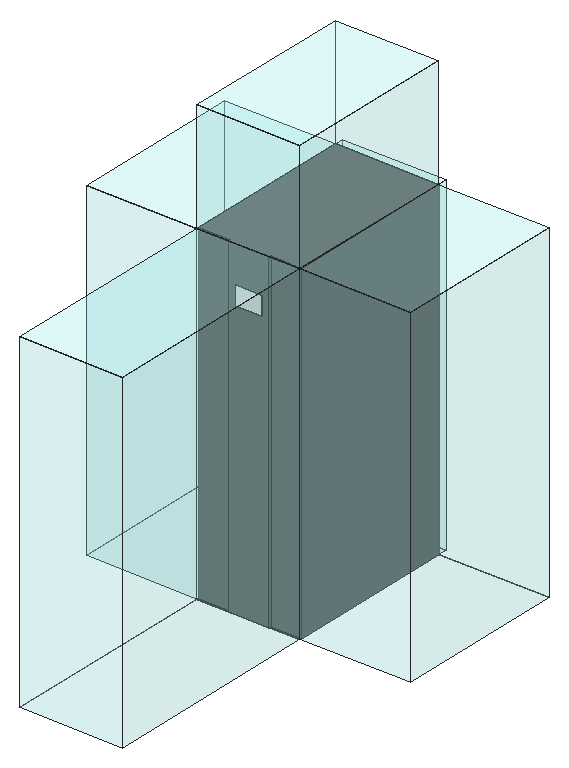
Revit family "Legrand-Ups-Keor_HPE-60_300kVA", category Installations électriques, Revit 2018
Family settings
  Conserver l'orientation des annotations = Non
  Cote de connecteur circulaire = Utiliser le diamètre
  Type d'élément = Normal
  Numéro OmniClass = 23.80.10.17.34
  Titre OmniClass = Static Uninterruptible Power Supplies
  Basée sur le plan de construction = Non
  Toujours verticalement = Oui
  Couper avec des vides une fois chargée = Non
  Partagée = Non
  Point de calcul de pièce = Non
Parameters
  Visibilità aree d'installazione = yes
  URL = "https://ups.legrand.com/it/prodotti/keor-hp"
  General Conditions of Use = "https://export.legrand.com/en/terms-of-use-BIM-objects"
  Fabricant = "LEGRAND"
  Output power factor = 1
  Output Voltage = "380,400,415 Vac"
  Operating temperature = "from 0°C to +40°C"
  Operating altitude = "up to 1000 m altitude without derating"
  Modèle = "KEOR HP"
  Max sound pressure level = "< 60 dB at 1m"
  Installation type = "On the floor"
  Installation space = 0.90 m³
  Input / Output phase configuration = "3ph+N+PE/3ph+N+PE"
  Humidity = "0-95% not condensing"
  Frequency of use = "50 Hz or 60 Hz selectable"
  Connection constraint (signal) = "Ahead and above/bottom"
  Connection constraint = "Ahead and bottom"
  Conductors = "Cables"
  Cabinet Depth = 940 mm
  Nominal Power = 100 kVA
  Weight = 320.0 kg
  Cabinet Width = 560 mm
  Back Clearance = 50 mm
  Side Clearance = 600 mm
  Front Clearance = 1200 mm
  Cabinet Height = 1800 mm
  Active power of use = 100 kW
Types (11, lengths in mm): name | Installation space | Cabinet Depth | Nominal Power | Weight | Cabinet Width | Cabinet Height | Active power of use
  (no name) | 0.90 m³ | 940 | 100 kVA | 320.0 kg | 560 | 1800 | 100 kW
  960565 | 0.90 m³ | 940 | 60 kVA | 250.0 kg | 560 | 1800 | 60 kW
  960566 | 0.90 m³ | 940 | 60 kVA | 800.0 kg | 560 | 1800 | 60 kW
  960567 | 0.90 m³ | 940 | 80 kVA | 300.0 kg | 560 | 1800 | 80 kW
  960568 | 0.90 m³ | 940 | 80 kVA | 850.0 kg | 560 | 1800 | 80 kW
  960569 | 0.90 m³ | 940 | 100 kVA | 320.0 kg | 560 | 1800 | 100 kW
  960570 | 0.90 m³ | 940 | 125 kVA | 360.0 kg | 560 | 1800 | 125 kW
  960571 | 0.90 m³ | 940 | 160 kVA | 380.0 kg | 560 | 1800 | 160 kW
  960572 | 1.60 m³ | 966 | 200 kVA | 720.0 kg | 880 | 1976 | 200 kW
  953500 | 1.60 m³ | 966 | 250 kVA | 850.0 kg | 880 | 1976 | 250 kW
  953501 | 1.60 m³ | 966 | 300 kVA | 900.0 kg | 880 | 1976 | 300 kW
Reference planes
  plane 1 "Centro (Fronte/Retro)": y = 0
  plane 2: z = 0
  plane 3 "Centro (Sinistra/Destra)": x = 0
  plane 4: x = 280
  plane 5: x = -280
  plane 6: y = 470
  plane 7 "Piano Frontale": y = -470
  plane 8 "PIANO TETTO ARMADIO": z = 1800
  plane 9: z = 2400
  plane 10: y = -1670
  plane 11: x = 880
  plane 12: x = -880
  plane 13: y = -382.5
  plane 14: y = -471
  plane 15: y = 520
Forms (mm)
  Extrusion 1, solid
    sketch origin (0, 0, 0) x (1, 0, 0) y (0, 1, 0)
      loop
        line (-280, 470) -> (-280, -470) -> (280, -470) -> (280, 470) -> (-280, 470)
    from 0 to 1800
  Extrusion 2, void
    sketch origin (0, 0, 0) x (1, 0, 0) y (0, 1, 0)
      loop
        line (-280, -470) -> (-110, -470) -> (-110, -460) -> (-280, -460) -> (-280, -470)
      loop
        line (280, -470) -> (280, -460) -> (110, -460) -> (110, -470) -> (280, -470)
    from 0 to 1800
  Extrusion 3, solid
    sketch origin (0, 0, 1800) x (-1, 0, 0) y (0, -1, 0)
      loop
        line (280, -470) -> (280, 470) -> (-280, 470) -> (-280, -470) -> (280, -470)
    from 0 to 600
  Extrusion 4, solid
    sketch origin (0, 0, 0) x (1, 0, 0) y (0, 1, 0)
      loop
        line (-280, -470) -> (-280, -1670) -> (280, -1670) -> (280, -470) -> (-280, -470)
    from 0 to 1800
  Extrusion 5, solid
    sketch origin (0, 0, 0) x (1, 0, 0) y (0, 1, 0)
      loop
        line (-880, 470) -> (-880, -470) -> (-280, -470) -> (-280, 470) -> (-880, 470)
    from 0 to 1800
  Extrusion 6, solid
    sketch origin (0, 0, 0) x (1, 0, 0) y (0, 1, 0)
      loop
        line (880, 470) -> (280, 470) -> (280, -470) -> (880, -470) -> (880, 470)
    from 0 to 1800
  Extrusion 7, solid
    sketch origin (1413.306, -470, 1200) x (1, 0, 0) y (0, 0, 1)
      loop
        line (-1483.306, 400) -> (-1483.306, 300) -> (-1343.306, 300) -> (-1343.306, 400) -> (-1483.306, 400)
    from 0 to 1
  Extrusion 8, solid
    sketch origin (0, 0, 0) x (1, 0, 0) y (0, 1, 0)
      loop
        line (-280, 520) -> (-280, 470) -> (280, 470) -> (280, 520) -> (-280, 520)
    from 0 to 1800
Cuts and joins
  Extrusion 2 cuts Extrusion 1
Dimensions and locks
  "Cabinet Width": plane 5 to plane 4
  equal spacing: plane 6, plane 1 "Centro (Fronte/Retro)", plane 7 "Piano Frontale"
  "Cabinet Depth": plane 6 to plane 7 "Piano Frontale"
  "Cabinet Height": plane 8 "PIANO TETTO ARMADIO" to level
  Extrusion 2 sketch curve to Extrusion 2 sketch curve = 10 mm
  plane 3 "Centro (Sinistra/Destra)" to Extrusion 3 = 280 mm
  plane 9 to plane 8 "PIANO TETTO ARMADIO" = 600 mm
  "Front Clearance": plane 10 to plane 7 "Piano Frontale"
  "Side Clearance": plane 4 to plane 11
  "Side Clearance": plane 12 to plane 5
  equal spacing: plane 5, plane 3 "Centro (Sinistra/Destra)", plane 4
  locked: Extrusion 7 sketch curve to Extrusion 7 sketch curve at 140
  locked: Extrusion 7 sketch curve to Extrusion 7 sketch curve at 100
  locked: plane 8 "PIANO TETTO ARMADIO" to Extrusion 7 sketch curve at 200
  equal spacing: Extrusion 7 sketch curve, plane 3 "Centro (Sinistra/Destra)", Extrusion 7 sketch curve
  plane 14 to plane 7 "Piano Frontale" = 1 mm
  "Back Clearance": plane 15 to plane 6
  Extrusion 2 sketch curve to Extrusion 4 = 170 mm
  equal spacing: Extrusion 2 sketch curve, plane 3 "Centro (Sinistra/Destra)", Extrusion 2 sketch curve
  aligned and locked: level to plane 2
  aligned and locked: Extrusion 1 sketch curve to plane 6
  aligned and locked: plane 5 to Extrusion 1 sketch curve
  aligned and locked: Extrusion 1 sketch curve to plane 7 "Piano Frontale"
  aligned and locked: Extrusion 1 sketch curve to plane 4
  aligned and locked: plane 8 "PIANO TETTO ARMADIO" to Extrusion 1
  aligned and locked: Extrusion 2 sketch curve to Extrusion 1  (x2)
  aligned and locked: Extrusion 1 to Extrusion 2 sketch curve
  aligned and locked: Extrusion 2 sketch curve to Extrusion 2 sketch curve
  aligned and locked: Extrusion 2 to Extrusion 1
  aligned and locked: Extrusion 2 to level
  aligned and locked: Extrusion 3 sketch curve to plane 6
  aligned and locked: plane 5 to Extrusion 3 sketch curve
  aligned and locked: Extrusion 3 sketch curve to plane 7 "Piano Frontale"
  aligned and locked: Extrusion 3 sketch curve to plane 4
  aligned and locked: plane 9 to Extrusion 3
  aligned and locked: plane 7 "Piano Frontale" to Extrusion 4 sketch curve
  aligned and locked: Extrusion 4 sketch curve to plane 5
  aligned and locked: Extrusion 4 sketch curve to plane 4
  aligned and locked: plane 10 to Extrusion 4 sketch curve
  aligned and locked: Extrusion 4 to level
  aligned and locked: plane 8 "PIANO TETTO ARMADIO" to Extrusion 4
  aligned and locked: Extrusion 5 sketch curve to plane 5
  aligned and locked: Extrusion 5 sketch curve to plane 7 "Piano Frontale"
  aligned and locked: Extrusion 5 sketch curve to plane 6
  aligned and locked: plane 12 to Extrusion 5 sketch curve
  aligned and locked: Extrusion 5 to level
  aligned and locked: plane 8 "PIANO TETTO ARMADIO" to Extrusion 5
  aligned and locked: Extrusion 6 sketch curve to plane 4
  aligned and locked: plane 6 to Extrusion 6 sketch curve
  aligned and locked: plane 7 "Piano Frontale" to Extrusion 6 sketch curve
  aligned and locked: plane 11 to Extrusion 6 sketch curve
  aligned and locked: Extrusion 6 to level
  aligned and locked: plane 8 "PIANO TETTO ARMADIO" to Extrusion 6
  aligned and locked: Extrusion 7 to plane 7 "Piano Frontale"
  aligned and locked: plane 14 to Extrusion 7
  aligned and locked: Extrusion 8 sketch curve to plane 15
  aligned and locked: plane 5 to Extrusion 8 sketch curve
  aligned and locked: Extrusion 6 to Extrusion 8 sketch curve
  aligned and locked: Extrusion 8 sketch curve to Extrusion 3
  aligned and locked: plane 8 "PIANO TETTO ARMADIO" to Extrusion 8
  aligned and locked: Extrusion 8 to level
  aligned and locked: Extrusion 2 sketch curve to plane 4
